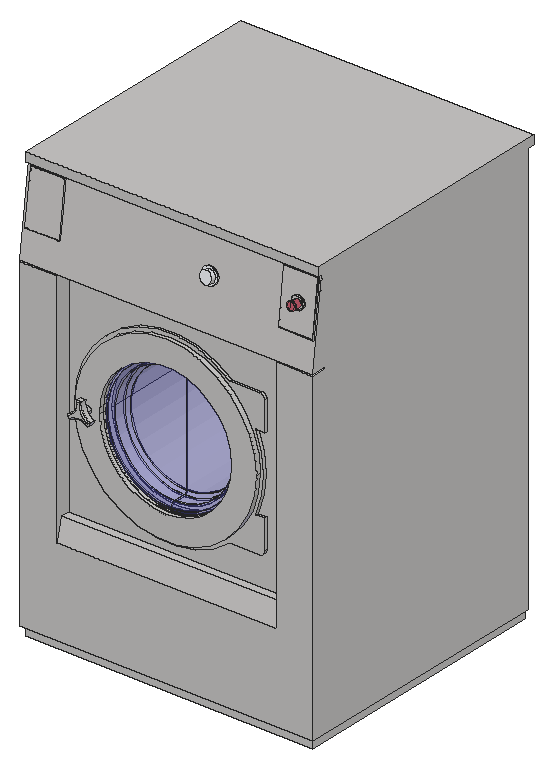
Revit family "W5180H", category Attrezzature speciali, Revit 2014
Parameters
  Show Logo [instance] = yes
  Show Clearance [instance] = yes
Reference planes
  plane 1: z = 0
  plane 2 "RIGHT": x = -340
  plane 3: z = 1426
  plane 4: z = 0
  plane 5 "BACK": y = 310.076
  plane 6 "FRONT": y = -676.924
  plane 7 "LEFT": x = -1310
  plane 8 "Center": x = -825
  plane 9 "PER ESTRUSIONE": through (0, -626.578, 1199.376) normal (0, 0.9923, -0.124)
Forms (mm)
  Extrusion 1, solid, material "QF_Finishes_Stainless Steel"
    sketch origin (770, 267.5, 0) x (0, 1, 0) y (0, 0, -1)
      loop
        line (-894.5, 0) -> (-894.5, -30) -> (-17.5, -30) -> (-17.5, 0) -> (-894.5, 0)
    from 1120 to 2070
  Extrusion 2, solid, material "QF_Finishes_Stainless Steel"
    sketch origin (770, 267.5, 0) x (0, 1, 0) y (0, 0, -1)
      loop
        line (-17.5, -30) -> (-854.5, -30) -> (-854.5, -1396) -> (-17.5, -1396) -> (-17.5, -30)
    from 1110 to 2080
  Extrusion 3, solid, material "QF_Finishes_Stainless Steel"
    sketch origin (770, 267.5, 0) x (0, 1, 0) y (0, 0, -1)
      loop
        line (-879.5, -1396) -> (-879.5, -1426) -> (7.5, -1426) -> (7.5, -1396) -> (-879.5, -1396)
    from 1110 to 2080
  Extrusion 4, solid, material "QF_Finishes_Stainless Steel"
    sketch origin (770, 267.5, 0) x (0, 1, 0) y (0, 0, -1)
      loop
        line (-17.5, -40) -> (-17.5, -170) -> (-2.5, -170) -> (-2.5, -40) -> (-17.5, -40)
    from 1120 to 2070
  Extrusion 5, solid, material "QF_Finishes_Stainless Steel"
    sketch origin (770, 267.5, 0) x (0, 1, 0) y (0, 0, -1)
      loop
        line (-17.5, -190) -> (-17.5, -1156) -> (-2.5, -1156) -> (-2.5, -190) -> (-17.5, -190)
    from 1120 to 2070
  Extrusion 6, solid, material "QF_Finishes_Stainless Steel"
    sketch origin (770, 0, 0) x (0, 1, 0) y (0, 0, 1)
      loop
        line (-637, 1111) -> (-637, 30) -> (-587, 30) -> (-587, 1111) -> (-637, 1111)
    from -1230 to -1110
  Extrusion 7, solid, material "QF_Finishes_Stainless Steel"
    sketch origin (-2420, 0, 0) x (0, 1, 0) y (0, 0, -1)
      loop
        line (-637, -1111) -> (-587, -1111) -> (-587, -30) -> (-637, -30) -> (-637, -1111)
    from -1230 to -1110
  Extrusion 8, solid, material "QF_Finishes_Stainless Steel"
    sketch origin (770, 267.5, 0) x (0, 1, 0) y (0, 0, -1)
      loop
        line (-854.5, -1116) -> (-904.5, -1116) -> (-869.5, -1396) -> (-854.5, -1396) -> (-854.5, -1116)
    from 1110 to 2080
  Extrusion 9, solid, material "QF_Finishes_Stainless Steel"
    sketch origin (770, 267.5, 0) x (0, 1, 0) y (0, 0, -1)
      loop
        line (-884.5, -390) -> (-854.5, -390) -> (-854.5, -30) -> (-904.5, -30) -> (-904.5, -320) -> (-884.5, -390)
    from 1230 to 1960
  Extrusion 10, solid, material "QF_Finishes_Stainless Steel"
    sketch origin (0, 0, 0) x (1, 0, 0) y (0, 0, 1)
      loop
        line (-525.324, 992.209) -> (-624.511, 992.209)
        arc (-624.511, 992.209) -> (-1137.236, 752.5) -> (-624.511, 512.791) r 312.397
        line (-624.511, 512.791) -> (-525.324, 512.791)
        arc (-525.324, 512.791) -> (-514.412, 517.311) -> (-509.892, 528.223) r 15.432
        line (-509.892, 528.223) -> (-509.892, 625.517) -> (-539.463, 625.517)
        arc (-539.463, 625.517) -> (-512.621, 752.5) -> (-539.463, 879.483) r 313.786
        line (-539.463, 879.483) -> (-509.892, 879.483) -> (-509.892, 976.777)
        arc (-509.892, 976.777) -> (-514.412, 987.689) -> (-525.324, 992.209) r 15.432
      loop
        circle (-824.839, 752.5) r 219.397
    from 617 to 624.713
  Extrusion 11, solid, material "QF_Finishes_Stainless Steel"
    sketch origin (0, 0, 0) x (1, 0, 0) y (0, 0, 1)
      loop
        circle (-825, 752.5) r 219.909
      loop
        circle (-825, 752.5) r 300
    from 617 to 640.148
  Extrusion 12, solid, material "QF_Finishes_Stainless Steel"
    sketch origin (0, 0, 0) x (1, 0, 0) y (0, 0, 1)
      loop
        circle (-1085.183, 752.487) r 12
    from 640.148 to 656.924
  Extrusion 13, solid, material "QF_Finishes_Stainless Steel"
    sketch origin (0, 0, 0) x (1, 0, 0) y (0, 0, 1)
      loop
        arc (-1093.412, 791.66) -> (-1098.566, 760.074) -> (-1123.356, 739.833) r 45.166
        arc (-1123.356, 739.833) -> (-1120.069, 732.493) -> (-1115.356, 725.978) r 39.252
        arc (-1115.356, 725.978) -> (-1085.414, 737.346) -> (-1055.472, 725.978) r 45.115
        arc (-1055.472, 725.978) -> (-1050.759, 732.492) -> (-1047.473, 739.831) r 39.252
        arc (-1047.473, 739.831) -> (-1072.267, 760.071) -> (-1077.423, 791.66) r 45.166
        arc (-1077.423, 791.66) -> (-1085.418, 792.49) -> (-1093.412, 791.66) r 38.899
    from 656.924 to 673.913
  Blend 14, solid, material "QF_Finishes_Stainless Steel"
    base sketch origin (0, 0, 0) x (1, 0, 0) y (0, 0, 1)
      loop
        arc (-1093.412, 791.66) -> (-1098.566, 760.074) -> (-1123.356, 739.833) r 45.166
        arc (-1123.356, 739.833) -> (-1120.069, 732.493) -> (-1115.356, 725.978) r 39.252
        arc (-1115.356, 725.978) -> (-1085.414, 737.346) -> (-1055.472, 725.978) r 45.115
        arc (-1055.472, 725.978) -> (-1050.759, 732.492) -> (-1047.473, 739.831) r 39.252
        arc (-1047.473, 739.831) -> (-1072.267, 760.071) -> (-1077.423, 791.66) r 45.166
        arc (-1077.423, 791.66) -> (-1085.418, 792.49) -> (-1093.412, 791.66) r 38.899
    top sketch origin (0, 0, 0) x (1, 0, 0) y (0, 0, 1)
      loop
        arc (-1080.882, 789.202) -> (-1085.418, 789.49) -> (-1089.954, 789.202) r 35.899
        arc (-1089.954, 789.202) -> (-1095.967, 758.576) -> (-1119.494, 738.066) r 48.166
        arc (-1119.494, 738.066) -> (-1117.472, 733.995) -> (-1114.957, 730.208) r 36.252
        arc (-1114.957, 730.208) -> (-1085.414, 740.346) -> (-1055.871, 730.208) r 48.115
        arc (-1055.871, 730.208) -> (-1053.357, 733.994) -> (-1051.336, 738.064) r 36.252
        arc (-1051.336, 738.064) -> (-1074.866, 758.573) -> (-1080.882, 789.202) r 48.166
    from 673.913 to 676.924
  Extrusion 15, solid, material "QF_Finishes_Stainless Steel"
    sketch origin (0, -764.554, 95.569) x (0, -0.124035, -0.992278) y (-1, 0, 0)
      loop
        line (-1300.551, 1187) -> (-1122.435, 1187) -> (-1122.435, 1302) -> (-1300.551, 1302) -> (-1300.551, 1187)
    from -1 to 0
  Blend 16, solid, material "QF_Finishes_Stainless Steel"
    base sketch origin (0, -767.531, 95.941) x (0, -0.124035, -0.992278) y (1, 0, 0)
      loop
        line (-1300.551, -1302) -> (-1122.435, -1302) -> (-1122.435, -1187) -> (-1300.551, -1187) -> (-1300.551, -1302)
    top sketch origin (0, -767.531, 95.941) x (0, -0.124035, -0.992278) y (1, 0, 0)
      loop
        line (-1123.435, -1188) -> (-1299.551, -1188) -> (-1299.551, -1301) -> (-1123.435, -1301) -> (-1123.435, -1188)
    from -2 to -1
  Extrusion 17, solid, material "QF_Finishes_Stainless Steel"
    sketch origin (-1650, -764.554, 95.569) x (0, -0.124035, -0.992278) y (-1, 0, 0)
      loop
        line (-1300.551, -1187) -> (-1300.551, -1302) -> (-1122.435, -1302) -> (-1122.435, -1187) -> (-1300.551, -1187)
    from -1 to 0
  Blend 18, solid, material "QF_Finishes_Stainless Steel"
    base sketch origin (-1650, -767.531, 95.941) x (0, -0.124035, -0.992278) y (1, 0, 0)
      loop
        line (-1300.551, 1302) -> (-1300.551, 1187) -> (-1122.435, 1187) -> (-1122.435, 1302) -> (-1300.551, 1302)
    top sketch origin (-1650, -767.531, 95.941) x (0, -0.124035, -0.992278) y (1, 0, 0)
      loop
        line (-1123.435, 1188) -> (-1123.435, 1301) -> (-1299.551, 1301) -> (-1299.551, 1188) -> (-1123.435, 1188)
    from -2 to -1
  Extrusion 19, solid, material "QF_Finishes_Stainless Steel"
    sketch origin (-1650, -766.981, 92.276) x (0, -0.124035, -0.992278) y (1, 0, 0)
      loop
        circle (-1215.322, 1243.9) r 21.35
    from 0 to 1
  Blend 20, solid, material "QF_Finishes_Stainless Steel"
    base sketch origin (0, -764.554, 95.569) x (0, -0.124035, -0.992278) y (-1, 0, 0)
      loop
        circle (-1211.754, 406.1) r 21.35
    top sketch origin (0, -764.554, 95.569) x (0, -0.124035, -0.992278) y (-1, 0, 0)
      loop
        circle (-1211.754, 406.1) r 19.35
    from -3 to -5
  Revolve 21, solid, material "QF_Finishes_Red"
    sketch origin (-405.608, 267.585, -0.27) x (0, 1, 0) y (0, 0, -1)
      loop
        line (-910.482, -1315.384) -> (-910.606, -1314.392) -> (-889.702, -1311.779) -> (-889.905, -1310.154) -> (-885.341, -1309.584) -> (-886.75, -1298.309) -> (-915.526, -1301.906) -> (-913.914, -1314.805)
        arc (-913.914, -1314.805) -> (-913.525, -1315.479) -> (-912.77, -1315.67) r 1
        line (-912.77, -1315.67) -> (-910.482, -1315.384)
      axis (-886.75, -1298.309) -> (-915.526, -1301.906)
    angle from 0 to 360
  Extrusion 22, solid, material "QF_Finishes_White"
    sketch origin (0, -765.744, 95.718) x (0, 0.124035, 0.992278) y (-1, 0, 0)
      loop
        circle (1189.594, 697.817) r 28
    from -1.2 to 1.5
  Extrusion 23, solid, material "QF_Finishes_White"
    sketch origin (0, -767.233, 95.904) x (0, 0.124035, 0.992278) y (-1, 0, 0)
      loop
        circle (1189.383, 697.401) r 20
    from 0 to 15
  Extrusion 24, solid, material "QF_Finishes_Stainless Steel"
    sketch origin (0, 0, 0) x (1, 0, 0) y (0, 0, 1)
      loop
        circle (-975, 100) r 35
    from -310 to -265
  Extrusion 25, void
    sketch origin (0, -640.148, 0) x (-1, 0, 0) y (0, 0, 1)
      loop
        circle (825, 752.5) r 219.909
    from 23.148 to 470.034
  Revolve 26, solid, material "QF_Finishes_Glass"
    sketch origin (-825, -357.05, 156.071) x (0, 1, 0) y (0, 0, 1)
      loop
        arc (-190.673, 783.338) -> (-195.066, 793.945) -> (-205.673, 798.338) r 15
        line (-205.673, 798.338) -> (-244.95, 798.338)
        arc (-244.95, 798.338) -> (-252.021, 801.267) -> (-254.95, 808.338) r 10
        line (-254.95, 808.338) -> (-254.95, 816.338) -> (-259.95, 816.338) -> (-259.95, 808.338)
        arc (-259.95, 808.338) -> (-255.556, 797.732) -> (-244.95, 793.338) r 15
        line (-244.95, 793.338) -> (-205.673, 793.338)
        arc (-205.673, 793.338) -> (-198.602, 790.409) -> (-195.673, 783.338) r 10
        line (-195.673, 783.338) -> (-195.673, 596.429) -> (-190.673, 596.429) -> (-190.673, 783.338)
      axis (-259.95, 596.429) -> (-190.673, 596.429)
    angle from 0 to 360
  Revolve 27, solid, material "QF_Door-Drawer Clearances", visible <- "Show Clearance", detail levels coarse
    sketch origin (466.5, -640.148, 676.108) x (0, 0, -1) y (1, 0, 0)
      loop
        circle (-76.392, -1291.5) r 300
      axis (-76.392, -979.121) -> (-77.392, -979.121)
    angle from 0 to -90
  Extrusion 28, solid
    sketch origin (713.146, 250, -99.616) x (0, 0, 1) y (1, 0, 0)
      loop
        circle (1234.616, -1203.146) r 10
    from 15 to 13
  Revolve 29, solid, material "QF_Finishes_Stainless Steel"
    sketch origin (-825, 267.5, 0) x (0, 1, 0) y (0, 0, -1)
      loop
        line (-2.5, -1014.841) -> (7.5, -1014.841) -> (7.5, -991.693) -> (42.576, -906.634) -> (42.576, -752.5) -> (-2.5, -752.5) -> (-2.5, -1014.841)
      axis (42.576, -752.5) -> (-2.5, -752.5)
    angle from 0 to 360
Cuts and joins
  Extrusion 25 cuts Extrusion 2
  Extrusion 25 cuts Extrusion 11
  joined: Extrusion 1, Extrusion 2, Extrusion 3, Extrusion 4, Extrusion 5, Extrusion 6, Extrusion 7, Extrusion 8, Extrusion 9, Extrusion 10, Extrusion 11, Extrusion 12, Extrusion 13, Blend 14, Extrusion 15, Blend 16, Extrusion 17, Blend 18, Extrusion 19, Blend 20, Extrusion 24, Revolve 29
  joined: Extrusion 22, Extrusion 23
Lines and regions (mm)
  Split face 1
    outline origin (-1310, -637, 1116) x (1, 0, 0) y (0, 0.124035, 0.992278)
      loop
        line (647.5, 257.063) -> (322.5, 257.063) -> (322.5, 99.063) -> (647.5, 99.063) -> (647.5, 257.063)
  Split face 2
    outline origin (-1310, -637, 1116) x (1, 0, 0) y (0, 0.124035, 0.992278)
      loop
        line (485, 183.563) -> (485, 138.563) -> (560, 138.563) -> (560, 183.563) -> (485, 183.563)
  symbolic lines
    curve 1: line (-1310, 275, 0) -> (-1310, -637, 0)
    curve 2: line (-1310, -637, 0) -> (-678.824, -637, 0)
    curve 3: line (-340, -637, 0) -> (-340, 275, 0)
    curve 4: line (-348, -626.325, 0) -> (-348, -612, 0)
    curve 5: line (-349, -627.193, 0) -> (-349, -612, 0)
    curve 6: line (-392.614, -627.193, 0) -> (-349, -627.193, 0)
    curve 7: line (-462, -612, 0) -> (-462, -627.193, 0)
    curve 8: line (-463, -612, 0) -> (-463, -626.325, 0)
    curve 9: line (-463, -626.325, 0) -> (-462, -627.193, 0)
    curve 10: line (-348, -626.325, 0) -> (-349, -627.193, 0)
    curve 11: spline (-427.45, -616.239, 0) -> (-426.723, -615.553, 0) -> (-424.59, -614.915, 0) -> (-421.197, -614.366, 0) -> (-416.775, -613.946, 0) -> (-411.626, -613.681, 0) -> (-406.1, -613.591, 0) -> (-400.575, -613.681, 0) -> (-395.425, -613.946, 0) -> (-391.004, -614.366, 0) -> (-387.611, -614.915, 0) -> (-385.478, -615.553, 0) -> (-384.75, -616.239, 0)
    curve 12: spline (-427.45, -617.231, 0) -> (-426.723, -616.546, 0) -> (-424.59, -615.907, 0) -> (-421.197, -615.359, 0) -> (-416.775, -614.938, 0) -> (-411.626, -614.673, 0) -> (-406.1, -614.583, 0) -> (-400.575, -614.673, 0) -> (-395.425, -614.938, 0) -> (-391.004, -615.359, 0) -> (-387.611, -615.907, 0) -> (-385.478, -616.546, 0) -> (-384.75, -617.231, 0)
    curve 13: spline (-386.75, -619.216, 0) -> (-387.455, -618.574, 0) -> (-389.519, -617.979, 0) -> (-392.791, -617.474, 0) -> (-397.033, -617.095, 0) -> (-401.936, -616.872, 0) -> (-407.142, -616.819, 0) -> (-412.272, -616.941, 0) -> (-416.952, -617.229, 0) -> (-420.842, -617.661, 0) -> (-423.658, -618.207, 0) -> (-425.194, -618.826, 0) -> (-425.338, -619.474, 0)
    curve 14: spline (-425.338, -619.474, 0) -> (-425.138, -619.645, 0) -> (-424.839, -619.814, 0) -> (-424.443, -619.98, 0) -> (-423.951, -620.142, 0) -> (-423.366, -620.299, 0) -> (-422.691, -620.451, 0) -> (-421.93, -620.596, 0) -> (-421.087, -620.734, 0) -> (-420.165, -620.864, 0) -> (-419.17, -620.986, 0) -> (-418.108, -621.098, 0) -> (-416.983, -621.2, 0)
    curve 15: spline (-391.608, -644.634, 0) -> (-391.728, -644.407, 0) -> (-392.085, -644.184, 0) -> (-392.674, -643.969, 0) -> (-393.484, -643.765, 0) -> (-394.501, -643.577, 0) -> (-395.709, -643.406, 0) -> (-397.086, -643.256, 0) -> (-398.608, -643.13, 0) -> (-400.251, -643.029, 0) -> (-401.985, -642.956, 0) -> (-403.781, -642.912, 0) -> (-405.608, -642.897, 0)
    curve 16: spline (-405.608, -642.897, 0) -> (-407.436, -642.912, 0) -> (-409.232, -642.956, 0) -> (-410.966, -643.029, 0) -> (-412.608, -643.13, 0) -> (-414.131, -643.256, 0) -> (-415.508, -643.406, 0) -> (-416.715, -643.577, 0) -> (-417.733, -643.765, 0) -> (-418.543, -643.969, 0) -> (-419.131, -644.184, 0) -> (-419.489, -644.407, 0) -> (-419.608, -644.634, 0)
    curve 17: spline (-405.608, -645.185, 0) -> (-407.436, -645.2, 0) -> (-409.232, -645.244, 0) -> (-410.966, -645.317, 0) -> (-412.608, -645.418, 0) -> (-414.131, -645.544, 0) -> (-415.508, -645.694, 0) -> (-416.715, -645.865, 0) -> (-417.733, -646.053, 0) -> (-418.543, -646.257, 0) -> (-419.131, -646.472, 0) -> (-419.489, -646.695, 0) -> (-419.608, -646.922, 0)
    curve 18: spline (-391.608, -646.922, 0) -> (-391.728, -646.695, 0) -> (-392.085, -646.472, 0) -> (-392.674, -646.257, 0) -> (-393.484, -646.053, 0) -> (-394.501, -645.865, 0) -> (-395.709, -645.694, 0) -> (-397.086, -645.544, 0) -> (-398.608, -645.418, 0) -> (-400.251, -645.317, 0) -> (-401.985, -645.244, 0) -> (-403.781, -645.2, 0) -> (-405.608, -645.185, 0)
    curve 19: line (-419.608, -644.634, 0) -> (-419.608, -646.922, 0)
    curve 20: line (-391.608, -644.634, 0) -> (-391.608, -646.922, 0)
    curve 21: line (-418.602, -643.987, 0) -> (-418.602, -623.779, 0)
    curve 22: line (-392.614, -643.987, 0) -> (-392.614, -623.779, 0)
    curve 23: spline (-405.608, -622.117, 0) -> (-407.338, -622.132, 0) -> (-409.037, -622.174, 0) -> (-410.675, -622.245, 0) -> (-412.223, -622.342, 0) -> (-413.653, -622.463, 0) -> (-414.94, -622.607, 0) -> (-416.061, -622.771, 0) -> (-416.997, -622.952, 0) -> (-417.73, -623.147, 0) -> (-418.247, -623.352, 0) -> (-418.54, -623.564, 0) -> (-418.602, -623.779, 0)
    curve 24: spline (-392.614, -623.779, 0) -> (-392.677, -623.564, 0) -> (-392.97, -623.352, 0) -> (-393.487, -623.147, 0) -> (-394.22, -622.952, 0) -> (-395.155, -622.771, 0) -> (-396.277, -622.607, 0) -> (-397.564, -622.463, 0) -> (-398.994, -622.342, 0) -> (-400.542, -622.245, 0) -> (-402.18, -622.174, 0) -> (-403.879, -622.132, 0) -> (-405.608, -622.117, 0)
    curve 25: line (-418.602, -627.193, 0) -> (-462, -627.193, 0)
    curve 26: line (-1310, -612, 0) -> (-340, -612, 0)
    curve 27: line (-416.983, -622.949, 0) -> (-416.983, -619.22, 0)
    curve 28: line (-394.234, -622.949, 0) -> (-394.234, -619.22, 0)
    curve 29: spline (-416.983, -619.22, 0) -> (-416.595, -618.821, 0) -> (-415.459, -618.449, 0) -> (-413.651, -618.13, 0) -> (-411.295, -617.885, 0) -> (-408.552, -617.73, 0) -> (-405.608, -617.678, 0) -> (-402.665, -617.73, 0) -> (-399.921, -617.885, 0) -> (-397.566, -618.13, 0) -> (-395.758, -618.449, 0) -> (-394.622, -618.821, 0) -> (-394.234, -619.22, 0)
    curve 30: spline (-386.914, -619.527, 0) -> (-387.118, -619.681, 0) -> (-387.402, -619.833, 0) -> (-387.766, -619.983, 0) -> (-388.206, -620.129, 0) -> (-388.723, -620.271, 0) -> (-389.313, -620.409, 0) -> (-389.973, -620.542, 0) -> (-390.702, -620.669, 0) -> (-391.496, -620.79, 0) -> (-392.352, -620.905, 0) -> (-393.266, -621.012, 0) -> (-394.234, -621.112, 0)
    curve 31: line (-662.5, -625.903, 0) -> (-662.5, -612, 0)
    curve 32: line (-987.5, -625.903, 0) -> (-717.401, -625.903, 0)
    curve 33: line (-987.5, -612, 0) -> (-987.5, -625.903, 0)
    curve 34: line (-677.401, -625.903, 0) -> (-662.5, -625.903, 0)
    curve 35: line (-678.824, -637, 0) -> (-418.602, -637, 0)
    curve 36: line (-392.614, -637, 0) -> (-340, -637, 0)
    curve 37: line (-1187, -626.325, 0) -> (-1187, -612, 0)
    curve 38: line (-1188, -627.193, 0) -> (-1188, -612, 0)
    curve 39: line (-1301, -627.193, 0) -> (-1188, -627.193, 0)
    curve 40: line (-1301, -612, 0) -> (-1301, -627.193, 0)
    curve 41: line (-1302, -612, 0) -> (-1302, -626.325, 0)
    curve 42: line (-1064.193, 275, 0) -> (-979.134, 310.076, 0)
    curve 43: line (-585.807, 275, 0) -> (-670.866, 310.076, 0)
    curve 44: line (-340, 275, 0) -> (-1310, 275, 0)
    curve 45: spline (-427.45, -617.231, 0) -> (-427.45, -617.246, 0) -> (-427.449, -617.261, 0) -> (-427.447, -617.276, 0) -> (-427.445, -617.291, 0) -> (-427.442, -617.306, 0) -> (-427.438, -617.321, 0) -> (-427.434, -617.336, 0) -> (-427.429, -617.351, 0) -> (-427.423, -617.366, 0) -> (-427.416, -617.381, 0) -> (-427.409, -617.396, 0) -> (-427.401, -617.411, 0)
    curve 46: line (-425.338, -619.474, 0) -> (-427.401, -617.411, 0)
    curve 47: spline (-385.085, -617.698, 0) -> (-385.032, -617.66, 0) -> (-384.983, -617.621, 0) -> (-384.939, -617.582, 0) -> (-384.899, -617.543, 0) -> (-384.865, -617.505, 0) -> (-384.834, -617.466, 0) -> (-384.809, -617.427, 0) -> (-384.788, -617.388, 0) -> (-384.771, -617.348, 0) -> (-384.76, -617.309, 0) -> (-384.753, -617.27, 0) -> (-384.75, -617.231, 0)
    curve 48: line (-386.914, -619.527, 0) -> (-385.085, -617.698, 0)
    curve 49: spline (-419.608, -646.922, 0) -> (-419.624, -647.078, 0) -> (-419.6, -647.24, 0) -> (-419.537, -647.406, 0) -> (-419.435, -647.573, 0) -> (-419.298, -647.738, 0) -> (-419.127, -647.898, 0) -> (-418.924, -648.05, 0) -> (-418.694, -648.192, 0) -> (-418.441, -648.321, 0) -> (-418.168, -648.435, 0) -> (-417.881, -648.533, 0) -> (-417.584, -648.612, 0)
    curve 50: spline (-391.608, -646.922, 0) -> (-391.593, -647.078, 0) -> (-391.617, -647.24, 0) -> (-391.68, -647.406, 0) -> (-391.782, -647.573, 0) -> (-391.919, -647.738, 0) -> (-392.09, -647.898, 0) -> (-392.293, -648.05, 0) -> (-392.522, -648.192, 0) -> (-392.776, -648.321, 0) -> (-393.049, -648.435, 0) -> (-393.336, -648.533, 0) -> (-393.633, -648.612, 0)
    curve 51: arc (-417.584, -648.612, 0) -> (-405.608, -649.623, 0) -> (-393.633, -648.612, 0) r 71.392
    curve 52: line (-427.45, -616.239, 0) -> (-427.45, -617.231, 0)
    curve 53: line (-384.75, -616.239, 0) -> (-384.75, -617.231, 0)
    curve 56: line (-1125, -640.148, 0) -> (-525, -640.148, 0)
    curve 57: line (-1047.473, -656.924, 0) -> (-1123.356, -656.924, 0)
    curve 58: line (-1115.356, -673.913, 0) -> (-1055.472, -673.913, 0)
    curve 59: line (-1119.494, -676.924, 0) -> (-1051.336, -676.924, 0)
    curve 60: line (-1123.356, -673.913, 0) -> (-1115.356, -673.913, 0)
    curve 61: line (-1047.473, -673.913, 0) -> (-1055.472, -673.913, 0)
    curve 62: line (-1047.473, -656.924, 0) -> (-1047.473, -673.913, 0)
    curve 63: line (-1123.356, -656.924, 0) -> (-1123.356, -673.913, 0)
    curve 64: line (-1119.494, -676.924, 0) -> (-1123.356, -673.913, 0)
    curve 65: line (-1047.473, -673.913, 0) -> (-1051.336, -676.924, 0)
    curve 66: line (-525, -640.148, 0) -> (-525, -637, 0)
    curve 67: line (-1125, -640.148, 0) -> (-1125, -637, 0)
    curve 68: line (-1097.175, -656.924, 0) -> (-1097.175, -640.148, 0)
    curve 69: line (-1073.177, -656.924, 0) -> (-1073.177, -640.148, 0)
    curve 70: line (-1301, -627.193, 0) -> (-1302, -626.325, 0)
    curve 71: line (-1188, -627.193, 0) -> (-1187, -626.325, 0)
    curve 72: line (-717.401, -624.713, 0) -> (-987.5, -624.713, 0)
    curve 73: line (-750, -619.813, 0) -> (-825, -619.813, 0)
    curve 74: line (-825, -614.232, 0) -> (-750, -614.232, 0)
    curve 75: line (-750, -614.232, 0) -> (-750, -619.813, 0)
    curve 76: line (-825, -619.813, 0) -> (-825, -614.232, 0)
    curve 77: spline (-697.817, -616.209, 0) -> (-703.304, -616.276, 0) -> (-708.579, -616.476, 0) -> (-713.436, -616.8, 0) -> (-717.687, -617.235, 0) -> (-721.168, -617.766, 0) -> (-723.743, -618.37, 0) -> (-725.313, -619.026, 0) -> (-725.816, -619.707, 0) -> (-725.234, -620.387, 0) -> (-723.588, -621.04, 0) -> (-720.943, -621.64, 0) -> (-717.401, -622.164, 0)
    curve 78: spline (-677.401, -622.059, 0) -> (-674.094, -621.527, 0) -> (-671.674, -620.926, 0) -> (-670.233, -620.278, 0) -> (-669.823, -619.609, 0) -> (-670.461, -618.942, 0) -> (-672.121, -618.302, 0) -> (-674.743, -617.715, 0) -> (-678.228, -617.2, 0) -> (-682.446, -616.779, 0) -> (-687.239, -616.466, 0) -> (-692.427, -616.274, 0) -> (-697.817, -616.209, 0)
    curve 79: spline (-697.817, -613.53, 0) -> (-694.162, -613.56, 0) -> (-690.57, -613.648, 0) -> (-687.102, -613.794, 0) -> (-683.817, -613.995, 0) -> (-680.772, -614.248, 0) -> (-678.018, -614.547, 0) -> (-675.603, -614.889, 0) -> (-673.568, -615.266, 0) -> (-671.948, -615.674, 0) -> (-670.771, -616.104, 0) -> (-670.056, -616.55, 0) -> (-669.817, -617.003, 0)
    curve 80: spline (-725.817, -617.003, 0) -> (-725.577, -616.55, 0) -> (-724.863, -616.104, 0) -> (-723.686, -615.674, 0) -> (-722.066, -615.266, 0) -> (-720.031, -614.889, 0) -> (-717.616, -614.547, 0) -> (-714.862, -614.248, 0) -> (-711.817, -613.995, 0) -> (-708.532, -613.794, 0) -> (-705.064, -613.648, 0) -> (-701.472, -613.56, 0) -> (-697.817, -613.53, 0)
    curve 81: line (-725.817, -617.003, 0) -> (-725.817, -619.682, 0)
    curve 82: line (-669.817, -617.003, 0) -> (-669.817, -619.682, 0)
    curve 83: spline (-677.401, -619.708, 0) -> (-677.572, -619.384, 0) -> (-678.082, -619.066, 0) -> (-678.923, -618.759, 0) -> (-680.08, -618.468, 0) -> (-681.534, -618.198, 0) -> (-683.258, -617.954, 0) -> (-685.225, -617.74, 0) -> (-687.401, -617.56, 0) -> (-689.747, -617.416, 0) -> (-692.224, -617.312, 0) -> (-694.79, -617.249, 0) -> (-697.401, -617.227, 0)
    curve 84: spline (-697.401, -617.227, 0) -> (-700.011, -617.249, 0) -> (-702.577, -617.312, 0) -> (-705.054, -617.416, 0) -> (-707.401, -617.56, 0) -> (-709.576, -617.74, 0) -> (-711.543, -617.954, 0) -> (-713.268, -618.198, 0) -> (-714.721, -618.468, 0) -> (-715.878, -618.759, 0) -> (-716.719, -619.066, 0) -> (-717.23, -619.384, 0) -> (-717.401, -619.708, 0)
    curve 85: spline (-697.401, -637.073, 0) -> (-692.224, -636.989, 0) -> (-687.401, -636.741, 0) -> (-683.258, -636.346, 0) -> (-680.08, -635.833, 0) -> (-678.082, -635.234, 0) -> (-677.401, -634.592, 0) -> (-678.082, -633.95, 0) -> (-680.08, -633.352, 0) -> (-683.258, -632.838, 0) -> (-687.401, -632.444, 0) -> (-692.224, -632.196, 0) -> (-697.401, -632.112, 0)
    curve 86: spline (-697.401, -632.112, 0) -> (-702.577, -632.196, 0) -> (-707.401, -632.444, 0) -> (-711.543, -632.838, 0) -> (-714.721, -633.352, 0) -> (-716.719, -633.95, 0) -> (-717.401, -634.592, 0) -> (-716.719, -635.234, 0) -> (-714.721, -635.833, 0) -> (-711.543, -636.346, 0) -> (-707.401, -636.741, 0) -> (-702.577, -636.989, 0) -> (-697.401, -637.073, 0)
    curve 87: line (-717.401, -619.708, 0) -> (-717.401, -634.592, 0)
    curve 88: line (-677.401, -619.708, 0) -> (-677.401, -634.592, 0)
    curve 89: line (-662.5, -624.713, 0) -> (-677.401, -624.713, 0)
    curve 90: line (-670.866, 310.076, 0) -> (-979.134, 310.076, 0)
    curve 91: line (-1010, 310, 0) -> (-979.318, 310, 0)
    curve 92: line (-1010, 310, 0) -> (-1010, 297.348, 0)
  symbolic lines, style "QF_Door-Drawer Clearances", visible <- "Show Clearance"
    curve 54: line (-512.621, -1252.527, 0) -> (-512.621, -637, 0)
  symbolic lines, style "QF_Door-Drawer Clearances"
    curve 55: arc (-512.621, -1252.527, 0) -> (-947.864, -1072.243, 0) -> (-1128.148, -637, 0) r 615.527
Dimensions and locks
  plane 3 to level = 1426 mm
  plane 7 "LEFT" to plane 2 "RIGHT" = 970 mm
  plane 5 "BACK" to plane 6 "FRONT" = 987 mm
  aligned and locked: level to plane 1
Connectors
  electrical at (-490, 265, 1135)
    settings: on Extrusion 28, index 1, voltage 0 V, apparent load 0 VA, apparent load phase1 0 VA, apparent load phase2 0 VA, apparent load phase3 0 VA, power factor 1, load classification "Altro", number of poles 1, system type 30, power factor state 1, is connector primary yes, connector utility no, sub classification motor no, connector description "Electrical Connection"
  piping at (-975, 310, 100), diameter 60
    settings: on cut or joined group of Extrusion 1, Extrusion 2, Extrusion 3, Extrusion 4, Extrusion 5, Extrusion 6, Extrusion 7, Extrusion 8, Extrusion 9, Extrusion 10, Extrusion 11, Extrusion 12, Extrusion 13, Blend 14, Extrusion 15, Blend 16, Extrusion 17, Blend 18, Extrusion 19, Blend 20, Extrusion 24, Extrusion 25, Revolve 29, index 2, connector inside diameter 609.6 mm, connector length 0 mm, flow factor 0, pipe flow 0.0 L/s, pressure drop 0.0 Pa, fitting loss kfactor 0, connector angle 0.00°, fixture units 0, engagement length 0 mm, angle of deflection 0.00°, flow configuration 1, flow direction 2, fitting loss method 0, system type 16, joint type 0, gender type 0, connector reference index -1, connector utility 0, adjustable connector no, is connector primary yes, connector description "Drain"
